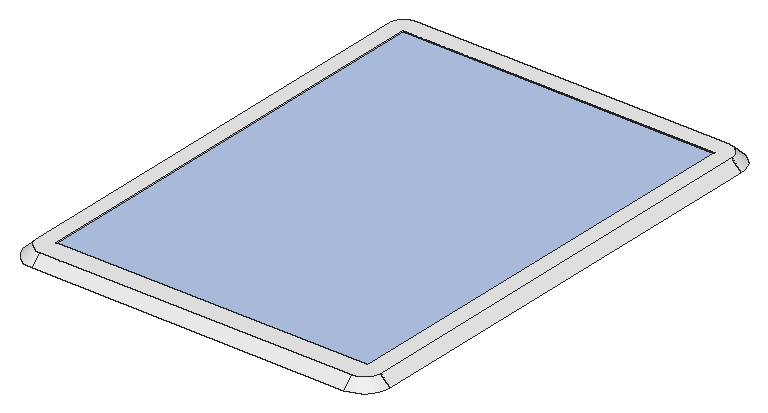
Revit family "Mirror-Solid_Surface_Frame-Whitehall-WH1860_Series", category Specialty Equipment, host Face, Revit 2019
Family settings
  Host = Face
  Round Connector Dimension = Use Diameter
  Part Type = Normal
  OmniClass Number = 23.40.95.17.17
  OmniClass Title = Mirrors
  Cut with Voids When Loaded = No
  Shared = Yes
  Room Calculation Point = No
Parameters (values of type "WH1864")
  Width = 28 1/2"
  URL = "https://www.whitehallmfg.com/"
  Type Comments = ""
  Radius = 2"  # constant formula
  Product Page URL = "https://www.whitehallmfg.com/bestcare-ligature-resistant-solid-surfaced-mirror-with-concealed-front-mounting-WH1860"
  Product Documentation Link = "https://www.whitehallmfg.com/uploads/fileLibrary/WH1860.pdf"
  Model = "WH1864"
  Material = "Corterra Polymer Resin-Whitehall-OCC11 Blanco White"  # constant formula
  Manufacturer = "Whitehall Manufacturing."
  Length = 3/4"  # constant formula
  Installation Type = "Wall Mounted"
  Height = 38 1/2"
  Finish = Corterra Polymer Resin-Whitehall-OCC11 Blanco White
  Description = "BestCare® Ligature-Resistant Solid Surface Frame Mirror with Concealed Front Mounting"
  Default Elevation = 40"
  Creation Date = "08/02/2024"  # constant formula
  Assembly Code = "E2010"
  ADA Compliant = yes
Types (6): name | Width | Model | Height
  (no name) | 28 1/2" | "WH1864" | 38 1/2"
  WH1860 | 14 1/2" | "WH1860" | 17 1/2"
  WH1861 | 17 1/2" | "WH1861" | 27 1/2"
  WH1862 | 19 1/2" | "WH1862" | 25 1/2"
  WH1863 | 21 1/2" | "WH1863" | 38 1/2"
  WH1864 | 28 1/2" | "WH1864" | 38 1/2"
Reference planes (in)
  plane 1 "Center (Front/Back)": y = 0
  plane 2: z = 0
  plane 3 "Center (Left/Right)": x = 0
  plane 4: z = 0.75
  plane 5: x = -14.25
  plane 6: x = 14.25
  plane 7: y = 19.25
  plane 8: y = -19.25
  plane 9: x = -12.25
  plane 10: x = 12.25
  plane 11: y = 17.125
  plane 12: y = -16.9375
Forms (in)
  Sweep 1, solid, material "Corterra Polymer Resin-Whitehall-OCC11 Blanco White" <- "Finish"
    path origin (0, 0, 0) x (1, 0, 0) y (0, 1, 0)
      loop
        arc (-12.25, 19.25) -> (-13.66421, 18.66421) -> (-14.25, 17.25) r 2
        line (-14.25, 17.25) -> (-14.25, -17.25)
        arc (-14.25, -17.25) -> (-13.66421, -18.66421) -> (-12.25, -19.25) r 2
        line (-12.25, -19.25) -> (12.25, -19.25)
        arc (12.25, -19.25) -> (13.66421, -18.66421) -> (14.25, -17.25) r 2
        line (14.25, -17.25) -> (14.25, 17.25)
        arc (14.25, 17.25) -> (13.66421, 18.66421) -> (12.25, 19.25) r 2
        line (12.25, 19.25) -> (-12.25, 19.25)
    profile origin (0, 19.25, 0) x (0, 1, 0) y (0, 0, 1)
      loop
        line (0, 0) -> (-0.75, 0.75) -> (-1.25, 0.75) -> (-1.25, 0) -> (0, 0)
  Extrusion 2, solid, material "Corterra Polymer Resin-Whitehall-OCC11 Blanco White" <- "Finish"
    sketch origin (0, 0, 0) x (1, 0, 0) y (0, 1, 0)
      loop
        arc (-12.25, 18) -> (-12.78033, 17.78033) -> (-13, 17.25) r 0.75
        line (-13, 17.25) -> (-13, -17.25)
        arc (-13, -17.25) -> (-12.78033, -17.78033) -> (-12.25, -18) r 0.75
        line (-12.25, -18) -> (12.25, -18)
        arc (12.25, -18) -> (12.78033, -17.78033) -> (13, -17.25) r 0.75
        line (13, -17.25) -> (13, 17.25)
        arc (13, 17.25) -> (12.78033, 17.78033) -> (12.25, 18) r 0.75
        line (12.25, 18) -> (-12.25, 18)
    from 0 to 0.75
  Extrusion 3, void
    sketch origin (0, 0, 0) x (1, 0, 0) y (0, 1, 0)
      loop
        line (-12.25, 17.125) -> (-12.25, -16.9375) -> (12.25, -16.9375) -> (12.25, 17.125) -> (-12.25, 17.125)
    from 0.69594 to 0.75
Cuts and joins
  Extrusion 3 cuts Sweep 1
  Extrusion 3 cuts Extrusion 2
  joined: Sweep 1, Extrusion 2
Dimensions and locks (in)
  "Length": plane 4 to host face
  equal spacing: plane 5, plane 3 "Center (Left/Right)", plane 6
  equal spacing: plane 8, plane 1 "Center (Front/Back)", plane 7
  "Height": plane 7 to plane 8
  "Width": plane 5 to plane 6
  locked: plane 5 to plane 9 at 2
  locked: plane 10 to plane 6 at 2
  locked: plane 7 to plane 11 at 2.125
  locked: plane 8 to plane 12 at 2.3125
  "Radius": radius of Sweep 1 sketch curve  (x4)
  aligned and locked: plane 2 to host face
  aligned and locked: level to host face
  aligned and locked: Sweep 1 sketch curve to plane 7
  aligned and locked: plane 5 to Sweep 1 sketch curve
  aligned and locked: Sweep 1 sketch curve to plane 8
  aligned and locked: plane 6 to Sweep 1 sketch curve
  aligned and locked: plane 4 to Sweep 1 sketch curve
  aligned and locked: Extrusion 2 sketch curve to Sweep 1  (x4)
  aligned and locked: plane 4 to Extrusion 2
  aligned and locked: Extrusion 3 sketch curve to plane 11
  aligned and locked: plane 9 to Extrusion 3 sketch curve
  aligned and locked: Extrusion 3 sketch curve to plane 12
  aligned and locked: plane 10 to Extrusion 3 sketch curve
  aligned and locked: plane 4 to Extrusion 3
Automatic sketch dimensions
  host sketch curve to host sketch curve = 96"  (x2)
  Sweep 1 sketch curve to level = 0"
  Sweep 1 sketch curve to profile plane = 0"
  Sweep 1 sketch curve to Sweep 1 sketch curve = 1/2"
  profile plane to Sweep 1 sketch curve = 3/4"
  plane 8 to Sweep 1 sketch curve = 0"
